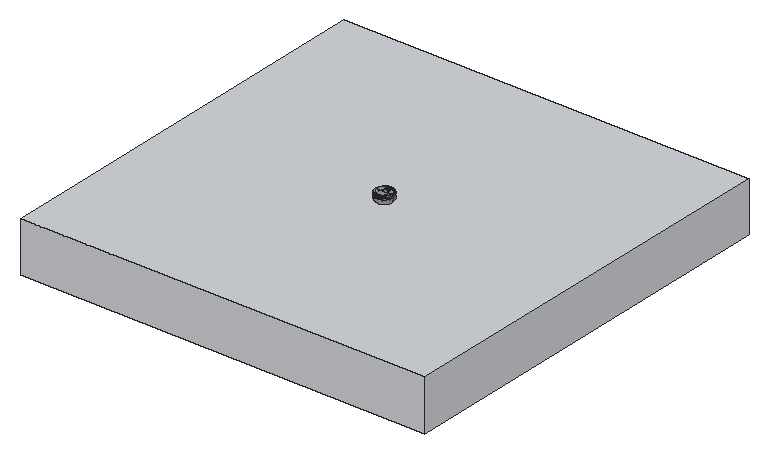
Revit family "Hekatron_Rauchwarnmelder_Genius Plus X_DE_22.01", category Brandmelder, Revit 2018
Family settings
  Basisbauteil = Fläche
  Beschriftungsausrichtung beibehalten = Ja
  Bemaßung runder Anschluss = Durchmesser verwenden
  Teiletyp = Normal
  OmniClass-Nummer = 23.85.30.21
  OmniClass-Titel = Environmental Detection/Registration
  Beim Laden mit Abzugskörper schneiden = Nein
  Gemeinsam genutzt = Nein
  Raumberechnungspunkt = Nein
Parameters (values of type "Genius Plus X")
  Zulässige Umgebungstemperatur = "0 °C bis + 55 °C"
  Zulässige Luftgeschwindigkeit = ""
  Zulassungen nach EN 54 = ""
  Version des BIM Objektes = "22.01"
  VdS-Anerkennung = "G 219068"
  URL = "https://www.hekatron-brandschutz.de"
  UB A&S Artikel Nummer = "31-5000030-02-01"
  Typenkommentare = "Rauchwarnmelder Genius Plus X in gestalteter Verpackung"
  Tiefe (mm) = ""
  Stromaufnahme = ""
  Schutzart = "IP 40"
  Rauchteil einstellbar = ""
  Nettogewicht (g) = "139.0"
  Montageart = "Aufputz"
  Modell = "Genius Plus X"
  Material = "PC-ABS"
  Link zum Datenblatt = "https://www.hekatron-planungstools.de/Doku/Bedienungsanleitung%20Genius%20PlusPlus%20X_16232127.pdf"
  Link zu ausschreiben.de = "https://www.ausschreiben.de/katalog/Hekatron/position/217"
  Link zu Produktinformation = ""
  Link zu Ausschreibungstext = "https://www.meinhplus.de/login"
  Leistungserklärung (DoP) = "CPR-31-19-003-de-en"
  Lautstärke DIN-Ton (dB) = "85.0"
  Kabeleinführung = ""
  Höhe (mm) = "48.0"
  Hersteller = "Hekatron"
  Heigth [instance] = 104 mm
  Funktionsprinzip = "optisch, Funk"
  Farbe = "signalweiß ähnlich RAL 9003"
  Ex-Zonen = ""
  Einstellung Temperaturklasse nach EN 54-5 = ""
  Einstellung Temperaturindex nach EN 54-5 = ""
  Einstellung Rauchempfindlichkeit nach EN 54-20 = ""
  Einstellen Rauchempfindlichkeit nach EN 54-7 = ""
  EG-Konformitätszertifikat / Zertifikat der Leistungsbeständigkeit = ""
  Durchmesser (mm) = "104.0"
  Depth [instance] = 40.674 mm
  Vorgabe-Ansicht = 1200 mm
  Breite (mm) = ""
  Betriebsspannung = ""
  Beschreibung = "Rauchwarnmelder incl. Batterie und Zusatzbatterie für optionale Funkvernetzung, für den Einsatz in Wohnhäuser, Wohnungen und Räume mit wohnungsähnlicher Nutzung, sowie in Umgebungen mit erschwerten Bedingungen wie z.B. frostfreien Kellern und Dachstühlen und in Treppenräumen."
  Bauartgenehmigungen = ""
  Anzahl Ansaugleitungen = ""
  Ansprechtemperatur = ""
  Alarm- & Empfindlichkeitsbereich = ""
Types (2, lengths in mm): name | URL | Typenkommentare | Beschreibung
  (no name) | "www.hekatron-brandschutz.de" | 0 | 0
  Genius Plus X | "https://www.hekatron-brandschutz.de" | "Rauchwarnmelder Genius Plus X in gestalteter Verpackung" | "Rauchwarnmelder incl. Batterie und Zusatzbatterie für optionale Funkvernetzung, für den Einsatz in Wohnhäuser, Wohnungen und Räume mit wohnungsähnlicher Nutzung, sowie in Umgebungen mit erschwerten Bedingungen wie z.B. frostfreien Kellern und Dachstühlen und in Treppenräumen."
Values of the unnamed type that differ from the named types
  Zulässige Umgebungstemperatur = ""
  Version des BIM Objektes = ""
  VdS-Anerkennung = ""
  UB A&S Artikel Nummer = ""
  Schutzart = ""
  Nettogewicht (g) = ""
  Montageart = ""
  Material = ""
  Link zum Datenblatt = ""
  Link zu ausschreiben.de = ""
  Link zu Ausschreibungstext = ""
  Leistungserklärung (DoP) = ""
  Lautstärke DIN-Ton (dB) = ""
  Höhe (mm) = ""
  Funktionsprinzip = ""
  Farbe = ""
  Durchmesser (mm) = ""
Reference planes
  plane 1 "Center (Front/Back)": y = 0
  plane 2: z = 0
  plane 3 "Center (Left/Right)": x = 0
  plane 4: x = 52
  plane 5: x = -52
Forms (mm)
  Extrusion 1, solid
    sketch origin (0, 0, 0) x (1, 0, 0) y (0, 1, 0)
      loop
        line (-1219.2, 1219.2) -> (-1219.2, -1219.2) -> (1219.2, -1219.2) -> (1219.2, 1219.2) -> (-1219.2, 1219.2)
    from 0 to -304.8
  Extrusion 2, solid, material "PC/ABS Plastic, RAL 9003"
    sketch origin (0, 0, 0) x (1, 0, 0) y (0, 1, 0)
      loop
        circle (0, 0) r 52
    from 0 to 19.558
  Revolve 3, solid, material "PC/ABS Plastic, RAL 9003"
    sketch origin (0, 0, 0) x (1, 0, 0) y (0, 0, 1)
      loop
        line (-44.5, 39) -> (-51.587, 38.291)
        arc (-51.587, 38.291) -> (-52, 37.824) -> (-51.566, 37.377) r 0.459
        line (-51.566, 37.377) -> (-45.1, 37.032) -> (0, 37.032) -> (0, 39) -> (-44.5, 39)
      axis (0, 39) -> (0, 37.032)
    angle from 0 to 360
  Revolve 4, solid, material "PC/ABS Plastic, RAL 9003"
    sketch origin (0, 0, 0) x (1, 0, 0) y (0, 0, 1)
      loop
        arc (-51.501, 32.127) -> (-52, 31.6) -> (-51.501, 31.073) r 0.527
        line (-51.501, 31.073) -> (-45.1, 30.732) -> (-45.1, 32.468) -> (-51.501, 32.127)
      loop
        arc (-51.501, 25.827) -> (-52, 25.3) -> (-51.501, 24.773) r 0.527
        line (-51.501, 24.773) -> (-45.1, 24.432) -> (-45.1, 26.168) -> (-51.501, 25.827)
      axis (0, 32.468) -> (0, 24.432)
    angle from 0 to 360
  Extrusion 5, void
    sketch origin (0, 0, 0) x (1, 0, 0) y (0, 1, 0)
      loop
        arc (-3.941, 21.283) -> (-3.102, 20.457) -> (-2.181, 19.725) r 11.074
        line (-2.181, 19.725) -> (-6.679, 30.584)
        arc (-6.679, 30.584) -> (-6.813, 29.415) -> (-6.821, 28.238) r 11.074
        line (-6.821, 28.238) -> (-3.941, 21.283)
      loop
        arc (-0.506, 18.742) -> (0.151, 18.455) -> (0.827, 18.212) r 11.074
        line (0.827, 18.212) -> (-5.622, 33.781)
        arc (-5.622, 33.781) -> (-5.928, 33.131) -> (-6.19, 32.464) r 11.074
        line (-6.19, 32.464) -> (-0.506, 18.742)
      loop
        arc (2.242, 17.854) -> (2.828, 17.763) -> (3.419, 17.703) r 11.074
        line (3.419, 17.703) -> (-4.149, 35.974)
        arc (-4.149, 35.974) -> (-4.524, 35.514) -> (-4.874, 35.035) r 11.074
        line (-4.874, 35.035) -> (2.242, 17.854)
      loop
        arc (4.695, 17.682) -> (5.233, 17.717) -> (5.769, 17.778) r 11.074
        line (5.769, 17.778) -> (-2.434, 37.582)
        arc (-2.434, 37.582) -> (-2.856, 37.247) -> (-3.262, 36.891) r 11.074
        line (-3.262, 36.891) -> (4.695, 17.682)
      loop
        arc (6.942, 18.007) -> (7.44, 18.145) -> (7.932, 18.306) r 11.074
        line (7.932, 18.306) -> (-0.532, 38.739)
        arc (-0.532, 38.739) -> (-0.993, 38.505) -> (-1.443, 38.25) r 11.074
        line (-1.443, 38.25) -> (6.942, 18.007)
      loop
        arc (9.014, 18.754) -> (9.475, 18.987) -> (9.925, 19.242) r 11.074
        line (9.925, 19.242) -> (1.54, 39.485)
        arc (1.54, 39.485) -> (1.041, 39.348) -> (0.55, 39.187) r 11.074
        line (0.55, 39.187) -> (9.014, 18.754)
      loop
        arc (10.916, 19.91) -> (11.338, 20.246) -> (11.743, 20.601) r 11.074
        line (11.743, 20.601) -> (3.786, 39.811)
        arc (3.786, 39.811) -> (3.248, 39.775) -> (2.713, 39.714) r 11.074
        line (2.713, 39.714) -> (10.916, 19.91)
      loop
        arc (12.631, 21.519) -> (13.006, 21.978) -> (13.356, 22.457) r 11.074
        line (13.356, 22.457) -> (6.239, 39.638)
        arc (6.239, 39.638) -> (5.653, 39.729) -> (5.063, 39.789) r 11.074
        line (5.063, 39.789) -> (12.631, 21.519)
      loop
        arc (14.104, 23.711) -> (14.409, 24.361) -> (14.672, 25.029) r 11.074
        line (14.672, 25.029) -> (8.988, 38.751)
        arc (8.988, 38.751) -> (8.33, 39.037) -> (7.655, 39.28) r 11.074
        line (7.655, 39.28) -> (14.104, 23.711)
      loop
        arc (15.161, 26.908) -> (15.294, 28.077) -> (15.303, 29.254) r 11.074
        line (15.303, 29.254) -> (12.422, 36.209)
        arc (12.422, 36.209) -> (11.584, 37.035) -> (10.663, 37.768) r 11.074
        line (10.663, 37.768) -> (15.161, 26.908)
    from 37.032 to 39
  Extrusion 6, solid, material "PC/ABS Plastic, RAL 9003"
    sketch origin (0, 0, 0) x (1, 0, 0) y (0, 1, 0)
      loop
        circle (4.241, 28.746) r 10.851
      loop
        circle (4.241, 28.746) r 10.401
    from 19.558 to 37.032
  Extrusion 7, solid, material "PC/ABS Plastic, RAL 9003"
    sketch origin (0, 0, 0) x (1, 0, 0) y (0, 1, 0)
      loop
        arc (-42.03, 16.356) -> (-41.668, 17.258) -> (-41.286, 18.151) r 45.1
        line (-41.286, 18.151) -> (-45.192, 19.613)
        arc (-45.192, 19.613) -> (-46.205, 19.109) -> (-45.772, 18.063) r 0.829
        line (-45.772, 18.063) -> (-42.03, 16.356)
      loop
        arc (42.03, -16.356) -> (41.668, -17.258) -> (41.286, -18.151) r 45.1
        line (41.286, -18.151) -> (45.192, -19.613)
        arc (45.192, -19.613) -> (46.205, -19.109) -> (45.772, -18.063) r 0.829
        line (45.772, -18.063) -> (42.03, -16.356)
      loop
        arc (-45.772, -18.063) -> (-46.205, -19.109) -> (-45.192, -19.613) r 0.829
        line (-45.192, -19.613) -> (-41.286, -18.151)
        arc (-41.286, -18.151) -> (-41.668, -17.258) -> (-42.03, -16.356) r 45.1
        line (-42.03, -16.356) -> (-45.772, -18.063)
      loop
        arc (45.772, 18.063) -> (46.205, 19.109) -> (45.192, 19.613) r 0.829
        line (45.192, 19.613) -> (41.286, 18.151)
        arc (41.286, 18.151) -> (41.668, 17.258) -> (42.03, 16.356) r 45.1
        line (42.03, 16.356) -> (45.772, 18.063)
      loop
        arc (18.087, -45.823) -> (19.159, -46.184) -> (19.593, -45.138) r 0.829
        line (19.593, -45.138) -> (18.152, -41.286)
        arc (18.152, -41.286) -> (17.261, -41.666) -> (16.361, -42.028) r 45.1
        line (16.361, -42.028) -> (18.087, -45.823)
      loop
        line (-18.087, -45.823) -> (-16.361, -42.028)
        arc (-16.361, -42.028) -> (-17.261, -41.666) -> (-18.152, -41.286) r 45.1
        line (-18.152, -41.286) -> (-19.593, -45.138)
        arc (-19.593, -45.138) -> (-19.159, -46.184) -> (-18.087, -45.823) r 0.829
      loop
        line (18.087, 45.823) -> (16.361, 42.028)
        arc (16.361, 42.028) -> (17.261, 41.666) -> (18.152, 41.286) r 45.1
        line (18.152, 41.286) -> (19.593, 45.138)
        arc (19.593, 45.138) -> (19.159, 46.184) -> (18.087, 45.823) r 0.829
      loop
        arc (-18.087, 45.823) -> (-19.159, 46.184) -> (-19.593, 45.138) r 0.829
        line (-19.593, 45.138) -> (-18.152, 41.286)
        arc (-18.152, 41.286) -> (-17.261, 41.666) -> (-16.361, 42.028) r 45.1
        line (-16.361, 42.028) -> (-18.087, 45.823)
    from 19.558 to 37.032
  Revolve 8, solid, material "PC/ABS Plastic, RAL 9003"
    sketch origin (87.833, -13.3, 0) x (1, 0, 0) y (0, 0, 1)
      loop
        line (-87.833, 36.55) -> (-113.316, 36.55) -> (-113.54, 21.55) -> (-117.593, 21.55) -> (-117.593, 19.558) -> (-87.833, 19.558) -> (-87.833, 36.55)
      axis (-87.833, 36.55) -> (-87.833, 19.558)
    angle from 0 to 360
  Extrusion 9, solid, material "PC/ABS Plastic, RAL 9003"
    sketch origin (0, 0, 0) x (1, 0, 0) y (0, 1, 0)
      loop
        line (-15.98, 49.032) -> (-19.689, 47.534) -> (-23.371, 45.971) -> (-13.372, 21.829) -> (-9.663, 23.328) -> (-5.981, 24.891) -> (-15.98, 49.032)
    from 38.402 to 40.674
Cuts and joins
  Extrusion 5 cuts Extrusion 2
  Extrusion 5 cuts Revolve 3
Dimensions and locks
  "Depth": Extrusion 9 to Extrusion 1
  "Heigth": plane 5 to plane 4
  aligned and locked: plane 2 to Extrusion 1
  aligned and locked: level to Extrusion 1
Automatic sketch dimensions
  Extrusion 1 sketch curve to Extrusion 1 sketch curve = 2438.4 mm  (x2)
  plane 1 "Center (Front/Back)" to Extrusion 2 sketch curve = 0 mm
  Extrusion 2 sketch curve to plane 3 "Center (Left/Right)" = 0 mm
  Revolve 3 sketch curve to plane 3 "Center (Left/Right)" = 0 mm  (x2)
  Revolve 3 sketch curve to Revolve 3 sketch curve = 44.5 mm
  Revolve 3 sketch curve to Revolve 3 sketch curve = 0.6 mm
  Revolve 3 sketch curve to Revolve 3 sketch curve = 6.441 mm
  Revolve 3 sketch curve to Revolve 3 sketch curve = 0.024 mm
  level to Revolve 3 sketch curve = 38.291 mm
  Revolve 3 sketch curve to Revolve 3 sketch curve = 0.046 mm
  Revolve 3 sketch curve to Revolve 3 sketch curve = 0.456 mm
  Revolve 3 sketch curve to Revolve 3 sketch curve = 0.345 mm
  Revolve 3 sketch curve to Revolve 3 sketch curve = 1.968 mm
  Revolve 3 sketch curve to Revolve 3 sketch curve = 3.482 mm
  Revolve 3 sketch curve to Revolve 3 sketch curve = 5 mm
  Revolve 4 sketch curve to plane 3 "Center (Left/Right)" = 0 mm
  Revolve 4 sketch curve to plane 3 "Center (Left/Right)" = 45.1 mm
  Revolve 4 sketch curve to Revolve 4 sketch curve = 0 mm  (x2)
  Revolve 4 sketch curve to Revolve 4 sketch curve = 6.373 mm
  level to Revolve 4 sketch curve = 24.773 mm
  Revolve 4 sketch curve to Revolve 4 sketch curve = 0.028 mm  (x4)
  Revolve 4 sketch curve to Revolve 4 sketch curve = 0.341 mm
  Revolve 4 sketch curve to Revolve 4 sketch curve = 0.527 mm  (x2)
  Revolve 4 sketch curve to Revolve 4 sketch curve = 1.736 mm  (x2)
  Revolve 4 sketch curve to Revolve 4 sketch curve = 4.564 mm
  Revolve 4 sketch curve to Revolve 4 sketch curve = 5.247 mm
  Revolve 4 sketch curve to level = 609.6 mm
  Revolve 4 sketch curve to Revolve 4 sketch curve = 2576.59 mm
  Extrusion 5 sketch curve to Extrusion 5 sketch curve = 0 mm  (x380)
  Extrusion 5 sketch curve to plane 3 "Center (Left/Right)" = 6.821 mm
  Extrusion 5 sketch curve to Extrusion 5 sketch curve = 0.142 mm  (x2)
  Extrusion 5 sketch curve to Extrusion 5 sketch curve = 0.489 mm  (x2)
  Extrusion 5 sketch curve to Extrusion 5 sketch curve = 0.568 mm  (x2)
  Extrusion 5 sketch curve to Extrusion 5 sketch curve = 0.748 mm  (x2)
  Extrusion 5 sketch curve to Extrusion 5 sketch curve = 0.725 mm  (x2)
  Extrusion 5 sketch curve to plane 3 "Center (Left/Right)" = 3.941 mm
  Extrusion 5 sketch curve to Extrusion 5 sketch curve = 0.888 mm  (x2)
  Extrusion 5 sketch curve to Extrusion 5 sketch curve = 0.827 mm  (x2)
  Extrusion 5 sketch curve to plane 3 "Center (Left/Right)" = 2.181 mm
  Extrusion 5 sketch curve to Extrusion 5 sketch curve = 0.991 mm  (x2)
  Extrusion 5 sketch curve to plane 3 "Center (Left/Right)" = 0.532 mm
  Extrusion 5 sketch curve to plane 3 "Center (Left/Right)" = 0.506 mm
  plane 3 "Center (Left/Right)" to Extrusion 5 sketch curve = 0.55 mm
  plane 3 "Center (Left/Right)" to Extrusion 5 sketch curve = 0.827 mm
  Extrusion 5 sketch curve to Extrusion 5 sketch curve = 0.99 mm  (x2)
  Extrusion 5 sketch curve to Extrusion 5 sketch curve = 1.416 mm  (x2)
  Extrusion 5 sketch curve to Extrusion 5 sketch curve = 1.173 mm  (x2)
  Extrusion 5 sketch curve to Extrusion 5 sketch curve = 1.176 mm  (x2)
  Extrusion 5 sketch curve to Extrusion 5 sketch curve = 1.074 mm  (x2)
  plane 3 "Center (Left/Right)" to Extrusion 5 sketch curve = 4.241 mm
  Extrusion 5 sketch curve to Extrusion 5 sketch curve = 1.276 mm  (x2)
  Extrusion 5 sketch curve to Extrusion 5 sketch curve = 1.333 mm
  Extrusion 5 sketch curve to Extrusion 5 sketch curve = 1.082 mm
  Extrusion 5 sketch curve to Extrusion 5 sketch curve = 0.911 mm
  Extrusion 5 sketch curve to Extrusion 5 sketch curve = 1.675 mm
  Extrusion 5 sketch curve to Extrusion 5 sketch curve = 1.759 mm
  Extrusion 5 sketch curve to plane 1 "Center (Front/Back)" = 17.682 mm
  Extrusion 5 sketch curve to Extrusion 5 sketch curve = 0.021 mm
  Extrusion 5 sketch curve to Extrusion 5 sketch curve = 0.097 mm
  Extrusion 5 sketch curve to Extrusion 5 sketch curve = 0.229 mm  (x2)
  Extrusion 5 sketch curve to Extrusion 5 sketch curve = 0.358 mm  (x2)
  Extrusion 5 sketch curve to Extrusion 5 sketch curve = 0.448 mm  (x2)
  Extrusion 5 sketch curve to Extrusion 5 sketch curve = 0.983 mm  (x2)
  Extrusion 5 sketch curve to Extrusion 5 sketch curve = 0.668 mm  (x2)
  Extrusion 5 sketch curve to Extrusion 5 sketch curve = 0.918 mm  (x2)
  Extrusion 5 sketch curve to Extrusion 5 sketch curve = 1.254 mm  (x2)
  Extrusion 5 sketch curve to Extrusion 5 sketch curve = 1.88 mm  (x2)
  Extrusion 5 sketch curve to Extrusion 5 sketch curve = 6.955 mm  (x2)
  Extrusion 6 sketch curve to Extrusion 6 sketch curve = 0 mm  (x2)
  plane 3 "Center (Left/Right)" to Extrusion 6 sketch curve = 4.241 mm
  Extrusion 6 sketch curve to plane 1 "Center (Front/Back)" = 28.746 mm
  Extrusion 7 sketch curve to Extrusion 7 sketch curve = 0 mm  (x56)
  plane 1 "Center (Front/Back)" to Extrusion 7 sketch curve = 0 mm
  Extrusion 7 sketch curve to plane 3 "Center (Left/Right)" = 0 mm
  Extrusion 7 sketch curve to plane 3 "Center (Left/Right)" = 16.361 mm  (x2)
  Extrusion 7 sketch curve to Extrusion 7 sketch curve = 1.725 mm  (x4)
  Extrusion 7 sketch curve to Extrusion 7 sketch curve = 1.791 mm  (x4)
  Extrusion 7 sketch curve to Extrusion 7 sketch curve = 0.73 mm  (x4)
  Extrusion 7 sketch curve to Extrusion 7 sketch curve = 0.777 mm  (x4)
  Extrusion 7 sketch curve to plane 1 "Center (Front/Back)" = 18.151 mm  (x2)
  Extrusion 7 sketch curve to Extrusion 7 sketch curve = 23.134 mm  (x4)
  plane 1 "Center (Front/Back)" to Extrusion 7 sketch curve = 18.151 mm  (x2)
  Extrusion 7 sketch curve to plane 1 "Center (Front/Back)" = 16.356 mm  (x2)
  plane 1 "Center (Front/Back)" to Extrusion 7 sketch curve = 16.356 mm  (x2)
  plane 1 "Center (Front/Back)" to Extrusion 7 sketch curve = 19.613 mm  (x2)
  Extrusion 7 sketch curve to Extrusion 7 sketch curve = 3.906 mm  (x4)
  Extrusion 7 sketch curve to plane 1 "Center (Front/Back)" = 19.613 mm  (x2)
  Extrusion 7 sketch curve to Extrusion 7 sketch curve = 0.236 mm  (x4)
  plane 1 "Center (Front/Back)" to Extrusion 7 sketch curve = 18.063 mm  (x2)
  Extrusion 7 sketch curve to Extrusion 7 sketch curve = 0.344 mm  (x4)
  Extrusion 7 sketch curve to plane 1 "Center (Front/Back)" = 18.063 mm  (x2)
  plane 3 "Center (Left/Right)" to Extrusion 7 sketch curve = 16.361 mm  (x2)
  Extrusion 7 sketch curve to Extrusion 7 sketch curve = 23.135 mm  (x4)
  Extrusion 7 sketch curve to Extrusion 7 sketch curve = 3.853 mm  (x4)
  Extrusion 7 sketch curve to Extrusion 7 sketch curve = 0.291 mm  (x4)
  Revolve 8 sketch curve to plane 3 "Center (Left/Right)" = 0 mm  (x2)
  Revolve 8 sketch curve to plane 3 "Center (Left/Right)" = 25.483 mm
  Revolve 8 sketch curve to Revolve 8 sketch curve = 0.224 mm
  Revolve 8 sketch curve to Revolve 8 sketch curve = 4.054 mm
  level to Revolve 8 sketch curve = 19.558 mm
  Revolve 8 sketch curve to Revolve 8 sketch curve = 1.992 mm
  Revolve 8 sketch curve to Revolve 8 sketch curve = 15 mm
  Revolve 8 sketch curve to Revolve 8 sketch curve = 0 mm  (x2)
  Extrusion 9 sketch curve to plane 3 "Center (Left/Right)" = 23.371 mm
  Extrusion 9 sketch curve to Extrusion 9 sketch curve = 3.682 mm  (x2)
  Extrusion 9 sketch curve to Extrusion 9 sketch curve = 3.709 mm  (x2)
  Extrusion 9 sketch curve to plane 3 "Center (Left/Right)" = 13.372 mm
  Extrusion 9 sketch curve to plane 1 "Center (Front/Back)" = 21.829 mm
  Extrusion 9 sketch curve to Extrusion 9 sketch curve = 1.498 mm  (x2)
  Extrusion 9 sketch curve to Extrusion 9 sketch curve = 1.563 mm  (x2)
  Extrusion 9 sketch curve to Extrusion 9 sketch curve = 24.141 mm
  radius of Extrusion 2 sketch curve = 52 mm
  radius of Extrusion 6 sketch curve = 10.851 mm
  radius of Extrusion 6 sketch curve = 10.401 mm
Connectors
  electrical at (0, 0, 0)
    settings: index 1, voltage 0 V, apparent load 0 VA, apparent load phase1 0 VA, apparent load phase2 0 VA, apparent load phase3 0 VA, power factor 1, load classification "Other", number of poles 1, system type 11, power factor state 1, is connector primary yes, connector utility no, sub classification motor no, connector description ""
